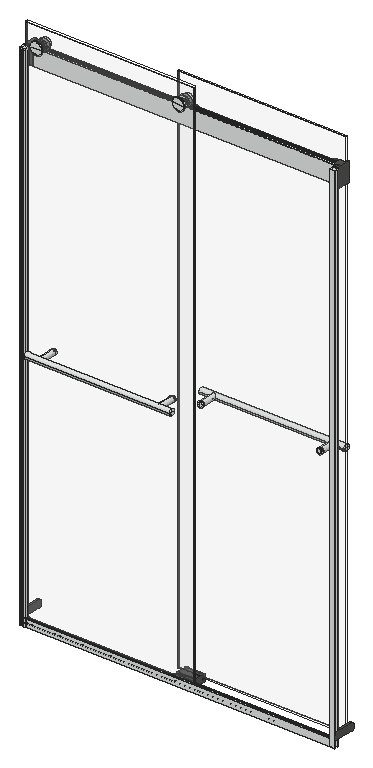
Revit family "Shower-Shower_Door-KOHLER-Levity_Plus-K-702428_1", category Specialty Equipment, host Face, Revit 2022
Family settings
  Host = Face
  Round Connector Dimension = Use Diameter
  Part Type = Normal
  OmniClass Number = 23.31.17.17
  OmniClass Title = Shower Enclosures
  Cut with Voids When Loaded = No
  Maintain Annotation Orientation = No
  Shared = No
  Room Calculation Point = No
Parameters (values of type "SHP-Bright Polished Silver")
  Width [instance] = Walk Thru + 25 205/256" + 199/256"  # 47.60175"
  WaterSense Certified = 1 = 0  # no
  Walk Thru [instance] = 21.02362"
  URL = "https://www.us.kohler.com/us/"
  Type = 1
  Product Page URL = "http://www.us.kohler.com/us/catalog/productDetails.jsp?productId=702428-L"
  Product Name = "Levity Plus"  # constant formula
  Product Documentation Link = "https://www.us.kohler.com/webassets/kpna/catalog/pdf/en/K-702428-L_spec_US-CA_Kohler_en.pdf"
  Model = if(Type = 1, "K-702428-L-SHP", if(Type = 2, "K-702428-L-BNK", if(Type = 3, "K-702428-L-BL", if(Type = 4, "K-702428-L-2MB", "NA"))))  # "K-702428-L-SHP"
  Material = "Premium Metal Construction"  # constant formula
  Master Format 2014 Name = "Shower Doors"  # constant formula
  Master Format 2014 = "10 28 19.16"  # constant formula
  Manufacturer Address = "444 Highland Dr, Kohler, WI 53044"  # constant formula
  Manufacturer = "KOHLER Co."  # constant formula
  Length = 7 11/128"  # constant formula
  Height = 81 157/256"  # constant formula
  Finish = Kohler-Metal-SHP-Bright_Polished_Silver
  Environmental Product Declaration = ""
  Description = "3/8 SHOWER DOOR 82 X 47-5/8 TOWEL BAR"  # constant formula
  Default Elevation = 4"
  Declare Label = ""
  Date Modified = "03/24/2022"  # constant formula
  Date Created = "03/24/2022"  # constant formula
  Copyright = "Copyright KOHLER Co."  # constant formula
  Contact Us = "https://www.us.kohler.com/us/static/contact.jsp"
  Assembly Code = "C1030200"
  ADA Compliant = 1 = 0  # no
Reference planes (in)
  plane 1 "Center (Front/Back)": y = 0
  plane 2: z = 0
  plane 3 "Center (Left/Right)": x = 0
  plane 4: x = 21.02362
  plane 5: x = -25.80098
  plane 6: x = -21.8318
  plane 7: x = 21.80077
  plane 8: x = 17.73441
  plane 9: x = -1.99865
  plane 10: y = -0.5693
  plane 11: x = -2.14205
  plane 12: x = 19.48441
  plane 13: x = -23.72549
  plane 14: x = -1.72549
  plane 15: x = -2.28573
  plane 16: x = -0.28883
  plane 17: x = 19.71427
  plane 18: z = 38.35689
  plane 19: z = 37.46831
  plane 20: z = 78.82047
  plane 21: z = 81.61328
  plane 22: z = 78.22835
  plane 23: z = 75.66929
  plane 24: z = 37.91339
  plane 25: y = 3.97794
  plane 26: y = 4.41101
  plane 27: y = -2.23072
  plane 28: y = -2.67493
  plane 29: y = -0.03955
  plane 30: y = 0.86771
Dimensions and locks (in)
  "Walk Thru": plane 4 to plane 3 "Center (Left/Right)"
  locked: plane 4 to plane 7 at 0.77715
  locked: plane 12 to plane 4 at 1.53921
  locked: plane 8 to plane 12 at 1.75
  locked: plane 11 to plane 12 at 21.62646
  "Width": plane 5 to plane 7
  locked: plane 15 to plane 11 at 0.14369
  locked: plane 11 to plane 16 at 1.85322
  locked: plane 17 to plane 7 at 2.0865
  plane 24 to level = 37.91339"
  "Height": plane 21 to level
  plane 23 to level = 75.66929"
  "Length": plane 28 to plane 26
  plane 30 to plane 26 = 3.54331"
  plane 22 to plane 23 = 2.55906"
  plane 21 to plane 22 = 3.38493"
  aligned and locked: plane 2 to host face
  aligned and locked: level to host face
  aligned and locked: plane 1 "Center (Front/Back)" to nested 1
  aligned and locked: plane 3 "Center (Left/Right)" to nested 1
  aligned and locked: plane 4 to nested 1
Automatic sketch dimensions
  host sketch curve to host sketch curve = 96"  (x2)
Nested families (in)
  nested 1: "K-702428" at (0, -0.5693, 0), type "K-702428"
    with Width 47.59843", Walk Thru 21.02362"
Definition of nested family "K-702428"
  Parameters (values of type "K-702428")
    Width = Walk Thru + 25.79921" + 0.77559"  # 44.64567"
    Walk Thru = 18.07087"
    Material = none
    Height = 61.5748"
    Default Elevation = 0"
  Reference planes (in)
    plane 1 "Center (Front/Back)": y = 0
    plane 2: z = 0
    plane 3 "Center (Left/Right)": x = 0
    plane 4: z = 77.55906
    plane 5 "G": z = 37.91339
    plane 6: x = 18.07087
    plane 7: x = 18.84801
    plane 8 "E": x = 14.78165
    plane 9 "A": z = 78.82047
    plane 10: x = -1.99865
    plane 11: y = -2.1063
    plane 12: y = -1.66142
    plane 13 "C": x = 16.53165
    plane 14 "D": x = -10.46894
    plane 15: x = 18.50755
    plane 16: x = -25.79766
    plane 17 "T": x = -5.0948
    plane 18: y = 0.5693
    plane 19: x = -23.72549
    plane 20: x = -1.72549
    plane 21: x = -5.23849
    plane 22: x = 16.76151
    plane 23 "H": x = -3.24159
    plane 24 "P": x = -21.72514
    plane 25 "R": x = -3.72549
    plane 26: z = 81.61417
    plane 27: z = 75.66929
    plane 28: z = 78.22835
    plane 29: y = 4.98031
    plane 30: y = 4.54724
  Forms (in)
    Extrusion 1, solid
      sketch origin (0, 0, 0) x (1, 0, 0) y (0, 1, 0)
        loop
          line (-25.79766, 2.37158) -> (-25.79766, 0.38563)
          arc (-25.79766, 0.38563) -> (-25.78843, 0.36336) -> (-25.76616, 0.35413) r 0.0315
          line (-25.76616, 0.35413) -> (-25.50948, 0.35413)
          arc (-25.50948, 0.35413) -> (-25.48721, 0.36336) -> (-25.47798, 0.38563) r 0.0315
          line (-25.47798, 0.38563) -> (-25.47798, 0.85734)
          arc (-25.47798, 0.85734) -> (-25.46876, 0.87961) -> (-25.44649, 0.88884) r 0.0315
          line (-25.44649, 0.88884) -> (-24.84431, 0.88884)
          arc (-24.84431, 0.88884) -> (-24.82282, 0.89774) -> (-24.81392, 0.91923) r 0.03039
          line (-24.81392, 0.91923) -> (-24.81392, 2.02115) -> (-25.48127, 2.02858) -> (-25.48127, 2.37088)
          arc (-25.48127, 2.37088) -> (-25.49049, 2.39315) -> (-25.51276, 2.40237) r 0.0315
          line (-25.51276, 2.40237) -> (-25.76687, 2.40237)
          arc (-25.76687, 2.40237) -> (-25.78864, 2.39336) -> (-25.79766, 2.37158) r 0.03079
      from 75.59055 to 78.40592
    Extrusion 2, solid, material <- "Material", detail levels medium+fine
      sketch origin (0, 0, 0) x (1, 0, 0) y (0, 1, 0)
        loop
          line (-25.47591, 0.20982) -> (-25.47591, -0.20982) -> (-25.2813, -0.20982) -> (-25.2813, -0.27247) -> (-25.74014, -0.27247) -> (-25.74014, -0.30702) -> (-25.14015, -0.32797)
          arc (-25.14015, -0.32797) -> (-25.06472, -0.29901) -> (-25.03315, -0.22464) r 0.10339
          line (-25.03315, -0.22464) -> (-25.03315, 0.22464)
          arc (-25.03315, 0.22464) -> (-25.06472, 0.29901) -> (-25.14015, 0.32797) r 0.10339
          line (-25.14015, 0.32797) -> (-25.74014, 0.30702) -> (-25.74014, 0.27247) -> (-25.2813, 0.27247) -> (-25.2813, 0.20982) -> (-25.47591, 0.20982)
        loop
          line (-25.79766, 0.20982) -> (-25.60858, 0.20982) -> (-25.60858, 0) -> (-25.60858, -0.20982) -> (-25.79766, -0.20982) -> (-25.79766, -0.25253) -> (-25.56727, -0.25253) -> (-25.56727, 0) -> (-25.56727, 0.25253) -> (-25.79766, 0.25253) -> (-25.79766, 0.20982)
      from 0.08036 to 78.22835
    Extrusion 3, solid, material <- "Material", detail levels medium+fine
      sketch origin (0, 0, 0) x (1, 0, 0) y (0, 1, 0)
        loop
          line (-25.14015, 0.32797) -> (-25.74014, 0.30702) -> (-25.74014, 0.25253) -> (-25.79766, 0.25253) -> (-25.79766, -0.25253) -> (-25.74014, -0.25253) -> (-25.74014, -0.30702) -> (-25.14015, -0.32797)
          arc (-25.14015, -0.32797) -> (-25.06472, -0.29901) -> (-25.03315, -0.22464) r 0.10339
          line (-25.03315, -0.22464) -> (-25.03315, 0.22464)
          arc (-25.03315, 0.22464) -> (-25.06472, 0.29901) -> (-25.14015, 0.32797) r 0.10339
      from 78.22835 to 78.36942
    Extrusion 4, solid
      sketch origin (0, 0, 0) x (0, 1, 0) y (0, 0, 1)
        loop
          line (2.917, 2.13263) -> (-0.20982, 2.13263) -> (-0.20982, 1.05663) -> (2.93672, 1.05663)
          arc (2.93672, 1.05663) -> (3.10579, 1.12666) -> (3.17581, 1.29573) r 0.23909
          line (3.17581, 1.29573) -> (3.17581, 1.87382)
          arc (3.17581, 1.87382) -> (3.10001, 2.05683) -> (2.917, 2.13263) r 0.25882
      from -25.79766 to -25.47798
    Extrusion 5, solid, material <- "Material"
      sketch origin (0, 0, 0) x (0, 1, 0) y (0, 0, 1)
        loop
          arc (0, 0.33997) -> (0.03474, 0.38326) -> (0.08453, 0.35871) r 0.04434
          line (0.08453, 0.35871) -> (0.11423, 0.29502)
          arc (0.11423, 0.29502) -> (0.14686, 0.27839) -> (0.17089, 0.30603) r 0.02975
          line (0.17089, 0.30603) -> (0.20017, 0.86474)
          arc (0.20017, 0.86474) -> (0.19197, 0.88698) -> (0.17019, 0.89634) r 0.03002
          line (0.17019, 0.89634) -> (0.02343, 0.89634)
          arc (0.02343, 0.89634) -> (-0.02199, 0.94176) -> (0.02343, 0.98718) r 0.04542
          line (0.02343, 0.98718) -> (0.19567, 0.98718)
          arc (0.19567, 0.98718) -> (0.19347, 1.02749) -> (0.15814, 1.04703) r 0.04169
          line (0.15814, 1.04703) -> (-0.19878, 1.04703) -> (-0.19878, 0) -> (0.49474, 0) -> (0.49474, 0.07959) -> (0.14319, 0.07959)
          arc (0.14319, 0.07959) -> (0.04194, 0.12153) -> (0, 0.22278) r 0.14319
          line (0, 0.22278) -> (0, 0.33997)
        loop
          line (0.53901, 0.96058) -> (0.10163, 0.96058)
          arc (0.10163, 0.96058) -> (0.08163, 0.94058) -> (0.10163, 0.92059) r 0.01999
          line (0.10163, 0.92059) -> (0.53901, 0.92059)
          arc (0.53901, 0.92059) -> (0.559, 0.94058) -> (0.53901, 0.96058) r 0.01999
      from -25.47591 to 18.07087
    Revolve 6, solid, material <- "Material", detail levels medium+fine
      sketch origin (27, 0, 78.82047) x (0, -1, 0) y (1, 0, 0)
        loop
          line (0.14044, -28.99865) -> (-1.79905, -28.99865) -> (-1.79905, -29.69269) -> (-1.43263, -29.69269) -> (-1.43263, -29.74488)
          arc (-1.43263, -29.74488) -> (-1.24562, -29.80339) -> (-1.05861, -29.74488) r 0.32812
          line (-1.05861, -29.74488) -> (-1.05861, -29.53477) -> (-0.92215, -29.53477) -> (-0.92215, -29.73162) -> (-0.7253, -29.73162) -> (-0.7253, -29.46245) -> (-0.36761, -29.46245) -> (-0.36761, -29.6593) -> (-0.06827, -29.6593) -> (-0.06827, -29.89414) -> (-0.02811, -29.93431) -> (0.09751, -29.93431) -> (0.14044, -29.89138) -> (0.14044, -28.99865)
        axis (0.14044, -28.99865) -> (-1.79905, -28.99865)
      angle from 0 to 360
    Revolve 7, solid, material <- "Material", detail levels medium+fine
      sketch origin (5.51575, 0, 78.82047) x (0, -1, 0) y (1, 0, 0)
        loop
          line (0.14044, -28.99865) -> (-1.79905, -28.99865) -> (-1.79905, -29.69269) -> (-1.43263, -29.69269) -> (-1.43263, -29.74488)
          arc (-1.43263, -29.74488) -> (-1.24562, -29.80339) -> (-1.05861, -29.74488) r 0.32812
          line (-1.05861, -29.74488) -> (-1.05861, -29.53477) -> (-0.92215, -29.53477) -> (-0.92215, -29.73162) -> (-0.7253, -29.73162) -> (-0.7253, -29.46245) -> (-0.36761, -29.46245) -> (-0.36761, -29.6593) -> (-0.06827, -29.6593) -> (-0.06827, -29.89414) -> (-0.02811, -29.93431) -> (0.09751, -29.93431) -> (0.14044, -29.89138) -> (0.14044, -28.99865)
        axis (0.14044, -28.99865) -> (-1.79905, -28.99865)
      angle from 0 to 360
    Extrusion 8, solid, material <- "Material", detail levels medium+fine
      sketch origin (0, 0, 4.05512) x (0, 1, 0) y (0, 0, 1)
        loop
          line (0.97838, 74.09449) -> (0.97838, 71.53543) -> (1.85747, 71.53543)
          arc (1.85747, 71.53543) -> (1.9, 71.55305) -> (1.91761, 71.59558) r 0.06014
          line (1.91761, 71.59558) -> (1.91761, 71.86685)
          arc (1.91761, 71.86685) -> (1.89894, 71.92322) -> (1.85029, 71.95728) r 0.0944
          line (1.85029, 71.95728) -> (1.85029, 71.88022) -> (1.65621, 71.78388) -> (1.38912, 71.90889) -> (1.38912, 73.51607)
          arc (1.38912, 73.51607) -> (1.41101, 73.5689) -> (1.46384, 73.59079) r 0.07472
          line (1.46384, 73.59079) -> (1.84605, 73.59079) -> (1.84605, 73.41713) -> (1.8957, 73.41713)
          arc (1.8957, 73.41713) -> (1.91735, 73.42609) -> (1.92632, 73.44774) r 0.03062
          line (1.92632, 73.44774) -> (1.92632, 74.04029)
          arc (1.92632, 74.04029) -> (1.91044, 74.07861) -> (1.87212, 74.09449) r 0.0542
          line (1.87212, 74.09449) -> (1.69975, 74.09449) -> (1.69975, 74.01045) -> (1.81407, 74.01045)
          arc (1.81407, 74.01045) -> (1.84489, 73.99768) -> (1.85765, 73.96686) r 0.04358
          line (1.85765, 73.96686) -> (1.85765, 73.8136) -> (1.31287, 73.8136) -> (1.31287, 73.88222) -> (1.44737, 73.94211) -> (1.44737, 73.98613)
          arc (1.44737, 73.98613) -> (1.43926, 74.00107) -> (1.42231, 74.0024) r 0.01781
          line (1.42231, 74.0024) -> (1.24538, 73.92362) -> (1.04592, 74.01243) -> (1.04592, 74.07466)
          arc (1.04592, 74.07466) -> (1.04011, 74.08868) -> (1.02609, 74.09449) r 0.01983
          line (1.02609, 74.09449) -> (0.97838, 74.09449)
      from -25.2813 to 18.07087
    Extrusion 9, solid
      sketch origin (0, 0, 78.82047) x (0, -1, 0) y (1, 0, 0)
        loop
          line (-0.72111, -0.03549) -> (-0.72111, -25.41549) -> (-0.66111, -25.47549) -> (-0.40011, -25.47549) -> (-0.34011, -25.41549) -> (-0.34011, -0.03549) -> (-0.40011, 0.02451) -> (-0.66111, 0.02451) -> (-0.72111, -0.03549)
      from 2.7937 to -78.10033
    Extrusion 10, solid
      sketch origin (0, 0, 0) x (0, 1, 0) y (0, 0, 1)
        loop
          line (2.79395, 0) -> (2.73913, 1.04611)
          arc (2.73913, 1.04611) -> (2.73201, 1.06155) -> (2.71622, 1.06785) r 0.02294
          line (2.71622, 1.06785) -> (2.58256, 1.06785)
          arc (2.58256, 1.06785) -> (2.56781, 1.06181) -> (2.56152, 1.04717) r 0.02105
          line (2.56152, 1.04717) -> (2.54725, 0.22974)
          arc (2.54725, 0.22974) -> (2.52045, 0.16735) -> (2.45761, 0.14164) r 0.08966
          line (2.45761, 0.14164) -> (2.27292, 0.14164)
          arc (2.27292, 0.14164) -> (2.21358, 0.16532) -> (2.18684, 0.22333) r 0.0862
          line (2.18684, 0.22333) -> (2.14487, 1.02412)
          arc (2.14487, 1.02412) -> (2.13055, 1.05518) -> (2.09879, 1.06785) r 0.04614
          line (2.09879, 1.06785) -> (1.06637, 1.06785)
          arc (1.06637, 1.06785) -> (1.03461, 1.05518) -> (1.02029, 1.02412) r 0.04614
          line (1.02029, 1.02412) -> (0.97833, 0.22333)
          arc (0.97833, 0.22333) -> (0.95158, 0.16532) -> (0.89225, 0.14164) r 0.0862
          line (0.89225, 0.14164) -> (0.70755, 0.14164)
          arc (0.70755, 0.14164) -> (0.64471, 0.16735) -> (0.61791, 0.22974) r 0.08966
          line (0.61791, 0.22974) -> (0.60364, 1.04717)
          arc (0.60364, 1.04717) -> (0.59735, 1.06181) -> (0.5826, 1.06785) r 0.02105
          line (0.5826, 1.06785) -> (0.30693, 1.06785) -> (0.30693, 0.16201) -> (0.47604, 0.16201)
          arc (0.47604, 0.16201) -> (0.50033, 0.15195) -> (0.51039, 0.12766) r 0.03435
          line (0.51039, 0.12766) -> (0.51039, 0.08994)
          arc (0.51039, 0.08994) -> (0.52098, 0.06032) -> (0.54793, 0.04411) r 0.04675
          arc (0.54793, 0.04411) -> (0.76846, 0.01105) -> (0.99117, 0) r 2.24921
          line (0.99117, 0) -> (2.79395, 0)
      from -3.12027 to -0.34077
    Revolve 11, solid, material <- "Material"
      sketch origin (-5.0948, 0, 4.05512) x (0, -1, 0) y (0, 0, 1)
        loop
          line (-2.99093, 73.55511) -> (-3.03171, 73.51433) -> (-3.03171, 72.61552) -> (-1.91129, 72.61552) -> (-1.91129, 73.35161) -> (-2.16793, 73.35161) -> (-2.16793, 73.2217) -> (-2.52933, 73.2217) -> (-2.52933, 73.27972) -> (-2.82297, 73.27972) -> (-2.82297, 73.51347) -> (-2.86461, 73.55511) -> (-2.99093, 73.55511)
        axis (-1.91129, 72.61552) -> (-3.03171, 72.61552)
      angle from 0 to 360
    Revolve 12, solid, material <- "Material"
      sketch origin (16.53165, 0, 4.05512) x (0, 0, -1) y (0, -1, 0)
        loop
          line (-73.55511, -2.99093) -> (-73.51433, -3.03171) -> (-72.61552, -3.03171) -> (-72.61552, -1.91129) -> (-73.35161, -1.91129) -> (-73.35161, -2.16793) -> (-73.2217, -2.16793) -> (-73.2217, -2.52933) -> (-73.27972, -2.52933) -> (-73.27972, -2.82297) -> (-73.51347, -2.82297) -> (-73.55511, -2.86461) -> (-73.55511, -2.99093)
        axis (-72.61552, -1.91129) -> (-72.61552, -3.03171)
      angle from 0 to 360
    Extrusion 13, solid
      sketch origin (0, 0, 78.82047) x (0, -1, 0) y (1, 0, 0)
        loop
          line (-2.40428, 18.84801) -> (-2.40428, 18.64656)
          arc (-2.40428, 18.64656) -> (-2.37444, 18.57452) -> (-2.30241, 18.54468) r 0.10187
          line (-2.30241, 18.54468) -> (-2.09932, 18.54468)
          arc (-2.09932, 18.54468) -> (-2.03657, 18.51869) -> (-2.01058, 18.45594) r 0.08874
          line (-2.01058, 18.45594) -> (-2.01058, 17.91977)
          arc (-2.01058, 17.91977) -> (-1.99255, 17.87623) -> (-1.949, 17.85819) r 0.06158
          line (-1.949, 17.85819) -> (-0.96774, 17.85819)
          arc (-0.96774, 17.85819) -> (-0.9202, 17.87788) -> (-0.90051, 17.92542) r 0.06723
          line (-0.90051, 17.92542) -> (-0.90051, 18.43534)
          arc (-0.90051, 18.43534) -> (-0.8829, 18.47786) -> (-0.84038, 18.49547) r 0.06013
          line (-0.84038, 18.49547) -> (-0.37453, 18.49547)
          arc (-0.37453, 18.49547) -> (-0.34132, 18.50922) -> (-0.32756, 18.54243) r 0.04697
          line (-0.32756, 18.54243) -> (-0.32756, 18.84801) -> (-2.40428, 18.84801)
      from -0.4295 to -3.30367
    Extrusion 14, solid
      sketch origin (0, 0, 0) x (0, 1, 0) y (0, 0, -1)
        loop
          arc (2.917, -2.13263) -> (3.10001, -2.05683) -> (3.17581, -1.87382) r 0.25882
          line (3.17581, -1.87382) -> (3.17581, -1.29573)
          arc (3.17581, -1.29573) -> (3.10579, -1.12666) -> (2.93672, -1.05663) r 0.23909
          line (2.93672, -1.05663) -> (-0.23901, -1.05663) -> (-0.23901, -2.13263) -> (2.917, -2.13263)
      from -18.50755 to -18.84801
    Extrusion 15, solid, material <- "Material"
      sketch origin (0, 0, 78.82047) x (0, -1, 0) y (1, 0, 0)
        loop
          line (-0.32756, 18.07087) -> (0.31775, 18.07087) -> (0.31775, 18.84801) -> (0.23901, 18.84801) -> (0.23901, 18.14961) -> (-0.24882, 18.14961) -> (-0.24882, 18.84801) -> (-0.32756, 18.84801) -> (-0.32756, 18.07087)
      from -78.74089 to -0.5382
    Extrusion 16, solid, material <- "Material"
      sketch origin (0, 0, 0) x (1, 0, 0) y (0, 1, 0)
        loop
          line (18.84801, 0.32756) -> (18.07087, 0.32756) -> (18.07087, -0.31775) -> (18.84801, -0.31775) -> (18.84801, 0.32756)
      from 78.14961 to 78.28227
    Extrusion 17, solid
      sketch origin (0, 0, 78.82047) x (0, -1, 0) y (1, 0, 0)
        loop
          line (-2.21932, 18.50755) -> (-2.48948, 18.50755) -> (-2.54474, 18.45151) -> (-2.54474, -6.92849) -> (-2.48474, -6.98849) -> (-2.22374, -6.98849) -> (-2.16212, -6.92849) -> (-2.16212, 18.45313) -> (-2.21932, 18.50755)
      from -78.10033 to 2.7937
    Extrusion 18, solid, material <- "Material", detail levels coarse
      sketch origin (0, 0, 78.82047) x (0, -1, 0) y (1, 0, 0)
        loop
          line (-0.32797, -25.03315) -> (-0.32797, -25.79766) -> (0.32797, -25.79766) -> (0.32797, -25.03315) -> (-0.32797, -25.03315)
      from -78.74011 to -0.45105
    Revolve 19, solid, material <- "Material", detail levels coarse
      sketch origin (5.51575, 0, 78.82047) x (0, -1, 0) y (1, 0, 0)
        loop
          line (0.14044, -28.99865) -> (-1.79905, -28.99865) -> (-1.79905, -29.69269) -> (-1.43263, -29.69269) -> (-1.43263, -29.74488) -> (-1.05861, -29.74488) -> (-1.05861, -29.53477) -> (-0.92215, -29.53477) -> (-0.92215, -29.73162) -> (-0.7253, -29.73162) -> (-0.7253, -29.6593) -> (-0.06827, -29.6593) -> (-0.06827, -29.93431) -> (0.14044, -29.93431) -> (0.14044, -28.99865)
        axis (-1.79905, -28.99865) -> (0.14044, -28.99865)
      angle from 0 to 360
    Revolve 20, solid, material <- "Material", detail levels coarse
      sketch origin (27, 0, 78.82047) x (0, -1, 0) y (1, 0, 0)
        loop
          line (0.14044, -28.99865) -> (-1.79905, -28.99865) -> (-1.79905, -29.69269) -> (-1.43263, -29.69269) -> (-1.43263, -29.74488) -> (-1.05861, -29.74488) -> (-1.05861, -29.53477) -> (-0.92215, -29.53477) -> (-0.92215, -29.73162) -> (-0.7253, -29.73162) -> (-0.7253, -29.6593) -> (-0.06827, -29.6593) -> (-0.06827, -29.93431) -> (0.14044, -29.93431) -> (0.14044, -28.99865)
        axis (-1.79905, -28.99865) -> (0.14044, -28.99865)
      angle from 0 to 360
    Extrusion 21, solid, material <- "Material", detail levels coarse
      sketch origin (0, 0, 4.05512) x (0, 1, 0) y (0, 0, 1)
        loop
          line (0.97838, 74.09449) -> (0.97838, 71.53543) -> (1.92632, 71.53543) -> (1.92632, 74.09449) -> (0.97838, 74.09449)
      from -25.47798 to 18.07087
    Revolve 22, solid, material <- "Material", detail levels medium+fine
      sketch origin (-3.24159, 0, 0) x (0, -1, 0) y (0, 0, 1)
        loop
          line (-4.47693, 38.32069) -> (-4.47693, 37.91339) -> (-1.85912, 37.91339) -> (-1.85912, 38.3112)
          arc (-1.85912, 38.3112) -> (-1.86628, 38.32849) -> (-1.88357, 38.33565) r 0.02445
          line (-1.88357, 38.33565) -> (-2.08042, 38.33565)
          arc (-2.08042, 38.33565) -> (-2.10138, 38.33178) -> (-2.11957, 38.32069) r 0.0587
          line (-2.11957, 38.32069) -> (-4.47693, 38.32069)
        axis (-4.47693, 37.91339) -> (-1.85912, 37.91339)
      angle from 0 to 360
    Revolve 23, solid, material <- "Material", detail levels medium+fine
      sketch origin (14.78165, 0, 0) x (0, 0, 1) y (0, -1, 0)
        loop
          line (37.50608, -4.47693) -> (37.91339, -4.47693) -> (37.91339, -1.85912) -> (37.51557, -1.85912)
          arc (37.51557, -1.85912) -> (37.49828, -1.86628) -> (37.49112, -1.88357) r 0.02445
          line (37.49112, -1.88357) -> (37.49112, -2.08042)
          arc (37.49112, -2.08042) -> (37.49499, -2.10138) -> (37.50608, -2.11957) r 0.0587
          line (37.50608, -2.11957) -> (37.50608, -4.47693)
        axis (37.91339, -4.47693) -> (37.91339, -1.85912)
      angle from 0 to 360
    Revolve 24, solid, material <- "Material", detail levels medium+fine
      sketch origin (0, 0, 37.91339) x (-1, 0, 0) y (0, -1, 0)
        loop
          line (5.23849, -4.93041) -> (5.23849, -4.54724) -> (-16.76151, -4.54724) -> (-16.76151, -4.93044) -> (-16.71164, -4.98031) -> (5.18858, -4.98031) -> (5.23849, -4.93041)
        axis (-16.76151, -4.54724) -> (5.23849, -4.54724)
      angle from 0 to 360
    Revolve 25, solid, material <- "Material", detail levels medium+fine
      sketch origin (-21.72514, 0, 0) x (0, 1, 0) y (0, 0, 1)
        loop
          line (1.00208, 37.91339) -> (1.00208, 38.28713)
          arc (1.00208, 38.28713) -> (0.99434, 38.30582) -> (0.97565, 38.31356) r 0.02643
          line (0.97565, 38.31356) -> (0.76975, 38.31356)
          arc (0.76975, 38.31356) -> (0.73962, 38.31006) -> (0.71109, 38.29977) r 0.13164
          line (0.71109, 38.29977) -> (-1.66142, 38.29977) -> (-1.66142, 37.91339) -> (1.00208, 37.91339)
        axis (1.00208, 37.91339) -> (-1.66142, 37.91339)
      angle from 0 to 360
    Revolve 26, solid, material <- "Material"
      sketch origin (-3.72549, 0, 0) x (0, 1, 0) y (0, 0, 1)
        loop
          line (1.00208, 37.91339) -> (1.00208, 38.28713)
          arc (1.00208, 38.28713) -> (0.99434, 38.30582) -> (0.97565, 38.31356) r 0.02643
          line (0.97565, 38.31356) -> (0.76975, 38.31356)
          arc (0.76975, 38.31356) -> (0.73962, 38.31006) -> (0.71109, 38.29977) r 0.13164
          line (0.71109, 38.29977) -> (-1.66142, 38.29977) -> (-1.66142, 37.91339) -> (1.00208, 37.91339)
        axis (1.00208, 37.91339) -> (-1.66142, 37.91339)
      angle from 0 to 360
    Revolve 27, solid, material <- "Material", detail levels medium+fine
      sketch origin (0, 0, 37.91339) x (-1, 0, 0) y (0, -1, 0)
        loop
          line (1.72549, 1.66142) -> (23.72549, 1.66142) -> (23.72549, 2.05448) -> (23.67367, 2.1063) -> (1.77378, 2.1063) -> (1.72549, 2.05801) -> (1.72549, 1.66142)
        axis (1.72549, 1.66142) -> (23.72549, 1.66142)
      angle from 0 to 360
    Revolve 28, solid, material <- "Material", detail levels coarse
      sketch origin (0, 0, 37.91339) x (-1, 0, 0) y (0, -1, 0)
        loop
          line (21.72514, -1.04337) -> (22.11152, -1.04337) -> (22.11152, 1.66142) -> (21.72514, 1.66142) -> (21.72514, -1.04337)
        axis (21.72514, 1.66142) -> (21.72514, -1.04337)
      angle from 0 to 360
    Revolve 29, solid, material <- "Material", detail levels coarse
      sketch origin (0, 0, 37.91339) x (-1, 0, 0) y (0, -1, 0)
        loop
          line (3.72549, -1.04592) -> (4.11187, -1.04592) -> (4.11187, 1.66142) -> (3.72549, 1.66142) -> (3.72549, -1.04592)
        axis (3.72549, -1.04592) -> (3.72549, 1.66142)
      angle from 0 to 360
    Revolve 30, solid, material <- "Material", detail levels coarse
      sketch origin (0, 0, 37.91339) x (-1, 0, 0) y (0, -1, 0)
        loop
          line (1.72549, 1.66142) -> (23.72549, 1.66142) -> (23.72549, 2.1063) -> (1.72549, 2.1063) -> (1.72549, 1.66142)
        axis (23.72549, 1.66142) -> (1.72549, 1.66142)
      angle from 0 to 360
    Revolve 31, solid, material <- "Material", detail levels coarse
      sketch origin (0, 0, 37.91339) x (-1, 0, 0) y (0, -1, 0)
        loop
          line (3.24159, -1.92632) -> (3.24159, -4.46873) -> (3.64889, -4.46873) -> (3.64889, -1.92632) -> (3.24159, -1.92632)
        axis (3.24159, -1.92632) -> (3.24159, -4.46873)
      angle from 0 to 360
    Revolve 32, solid, material <- "Material", detail levels coarse
      sketch origin (0, 0, 37.91339) x (-1, 0, 0) y (0, -1, 0)
        loop
          line (-14.78165, -4.46873) -> (-14.37435, -4.46873) -> (-14.37435, -1.92632) -> (-14.78165, -1.92632) -> (-14.78165, -4.46873)
        axis (-14.78165, -4.46873) -> (-14.78165, -1.92632)
      angle from 0 to 360
    Revolve 33, solid, material <- "Material", detail levels coarse
      sketch origin (0, 0, 37.91339) x (-1, 0, 0) y (0, -1, 0)
        loop
          line (5.23849, -4.98031) -> (5.23849, -4.54724) -> (-16.76151, -4.54724) -> (-16.76151, -4.98031) -> (5.23849, -4.98031)
        axis (5.23849, -4.54724) -> (-16.76151, -4.54724)
      angle from 0 to 360
  Cuts and joins
    joined: Extrusion 2, Extrusion 3
    joined: Extrusion 15, Extrusion 16
  Lines and regions (in)
    Masking region 1
      outline origin (0, 0, 0) x (1, 0, 0) y (0, 0, 1)
        loop
          line (-25.47617, 81.61417) -> (-25.47617, 78.40592) -> (-25.79766, 78.40592) -> (-25.79766, 0.08036) -> (-25.47591, 0.08036) -> (-25.47591, 0) -> (18.07087, 0) -> (18.07087, 0.07959) -> (18.84801, 0.07959) -> (18.84801, 78.39098) -> (18.50755, 78.39098) -> (18.50755, 81.61417) -> (-25.47617, 81.61417)
    Masking region 2
      outline origin (-5.0948, 0, 0) x (0, -1, 0) y (0, 0, 1)
        loop
          line (-3.17581, 1.87382) -> (-3.17581, 1.29573)
          arc (-3.17581, 1.29573) -> (-3.10579, 1.12666) -> (-2.93672, 1.05663) r 0.23909
          line (-2.93672, 1.05663) -> (-2.73858, 1.05663) -> (-2.79395, 0) -> (-0.99117, 0)
          arc (-0.99117, 0) -> (-0.76846, 0.01105) -> (-0.54793, 0.04411) r 2.24921
          arc (-0.54793, 0.04411) -> (-0.52098, 0.06032) -> (-0.51039, 0.08994) r 0.04675
          line (-0.51039, 0.08994) -> (-0.51039, 0.12766)
          arc (-0.51039, 0.12766) -> (-0.50033, 0.15195) -> (-0.47604, 0.16201) r 0.03435
          line (-0.47604, 0.16201) -> (-0.32803, 0.16201) -> (-0.32803, 0.07959) -> (-0.49474, 0.07959) -> (-0.49474, 0) -> (0.19878, 0) -> (0.19878, 0.08036) -> (0.32797, 0.08036) -> (0.32797, 37.52557) -> (1.44342, 37.52557)
          arc (1.44342, 37.52557) -> (1.88607, 37.52939) -> (2.1063, 37.91339) r 0.44488
          arc (2.1063, 37.91339) -> (1.88607, 38.29738) -> (1.44342, 38.3012) r 0.44488
          line (1.44342, 38.3012) -> (0.32797, 38.3012) -> (0.32797, 40.27015) -> (0.32797, 53.19141) -> (0.32797, 78.36942) -> (0.14044, 78.36942) -> (0.14044, 79.71399) -> (0.09747, 79.75695) -> (-0.02728, 79.75695) -> (-0.06827, 79.71596) -> (-0.06827, 79.48112) -> (-0.34011, 79.48112) -> (-0.34011, 81.61417) -> (-0.7253, 81.61417) -> (-0.7253, 79.55344) -> (-0.92215, 79.55344) -> (-0.92215, 79.35659) -> (-1.05861, 79.35659) -> (-1.05861, 79.5667)
          arc (-1.05861, 79.5667) -> (-1.24562, 79.62242) -> (-1.43263, 79.5667) r 0.34168
          line (-1.43263, 79.5667) -> (-1.43263, 79.51451) -> (-1.79905, 79.51451) -> (-1.79905, 78.82047) -> (-1.79905, 78.36942) -> (-2.16212, 78.36942) -> (-2.16212, 81.61417) -> (-2.54474, 81.61417) -> (-2.54474, 77.33483) -> (-2.82297, 77.33483) -> (-2.82297, 77.56858) -> (-2.86461, 77.61023) -> (-2.99093, 77.61023) -> (-3.03171, 77.56945) -> (-3.03171, 75.77183) -> (-2.99093, 75.73105) -> (-2.86461, 75.73105) -> (-2.82297, 75.7727) -> (-2.82297, 76.00645) -> (-2.54474, 76.00645) -> (-2.54474, 38.32069) -> (-4.35649, 38.32069)
          arc (-4.35649, 38.32069) -> (-4.98031, 37.91339) -> (-4.35649, 37.50608) r 0.44488
          line (-4.35649, 37.50608) -> (-2.54474, 37.50608) -> (-2.54474, 2.13263) -> (-2.917, 2.13263)
          arc (-2.917, 2.13263) -> (-3.10001, 2.05683) -> (-3.17581, 1.87382) r 0.25882
        loop
          arc (-2.54725, 0.22974) -> (-2.52045, 0.16735) -> (-2.45761, 0.14164) r 0.08966
          line (-2.45761, 0.14164) -> (-2.27292, 0.14164)
          arc (-2.27292, 0.14164) -> (-2.21358, 0.16532) -> (-2.18684, 0.22333) r 0.0862
          line (-2.18684, 0.22333) -> (-2.14487, 1.02412)
          arc (-2.14487, 1.02412) -> (-2.14023, 1.04201) -> (-2.12894, 1.05663) r 0.04614
          line (-2.12894, 1.05663) -> (-2.16212, 1.05663) -> (-2.16212, 0.72015) -> (-2.54474, 0.72015) -> (-2.56169, 1.05663) -> (-2.54725, 0.22974)
        loop
          arc (-0.97833, 0.22333) -> (-0.95158, 0.16532) -> (-0.89225, 0.14164) r 0.0862
          line (-0.89225, 0.14164) -> (-0.70755, 0.14164)
          arc (-0.70755, 0.14164) -> (-0.64471, 0.16735) -> (-0.61791, 0.22974) r 0.08966
          line (-0.61791, 0.22974) -> (-0.60935, 0.72015) -> (-0.72111, 0.72015) -> (-0.72111, 1.05663) -> (-1.03622, 1.05663)
          arc (-1.03622, 1.05663) -> (-1.02494, 1.04201) -> (-1.02029, 1.02412) r 0.04614
          line (-1.02029, 1.02412) -> (-0.97833, 0.22333)
        loop
          line (-0.7253, 2.13263) -> (-0.7253, 37.52135)
          arc (-0.7253, 37.52135) -> (-0.75921, 37.51268) -> (-0.79409, 37.50977) r 0.21008
          line (-0.79409, 37.50977) -> (-0.97081, 37.50977)
          arc (-0.97081, 37.50977) -> (-0.99232, 37.51867) -> (-1.00122, 37.54018) r 0.03041
          line (-1.00122, 37.54018) -> (-1.00122, 37.91339) -> (-1.00122, 38.2866)
          arc (-1.00122, 38.2866) -> (-0.99232, 38.3081) -> (-0.97081, 38.31701) r 0.03041
          line (-0.97081, 38.31701) -> (-0.79409, 38.31701)
          arc (-0.79409, 38.31701) -> (-0.75921, 38.31409) -> (-0.7253, 38.30542) r 0.21008
          line (-0.7253, 38.30542) -> (-0.7253, 40.14515) -> (-0.7253, 53.06641) -> (-0.7253, 75.5168) -> (-2.16212, 75.5168) -> (-2.16212, 38.32069) -> (-2.11957, 38.32069)
          arc (-2.11957, 38.32069) -> (-2.09977, 38.33175) -> (-2.07742, 38.33559) r 0.0671
          line (-2.07742, 38.33559) -> (-1.88218, 38.33559)
          arc (-1.88218, 38.33559) -> (-1.86516, 38.32854) -> (-1.85811, 38.31152) r 0.02407
          line (-1.85811, 38.31152) -> (-1.85811, 37.91339) -> (-1.85811, 37.51525)
          arc (-1.85811, 37.51525) -> (-1.86516, 37.49823) -> (-1.88218, 37.49118) r 0.02407
          line (-1.88218, 37.49118) -> (-2.07742, 37.49118)
          arc (-2.07742, 37.49118) -> (-2.09977, 37.49502) -> (-2.11957, 37.50608) r 0.0671
          line (-2.11957, 37.50608) -> (-2.16212, 37.50608) -> (-2.16212, 2.13263) -> (-0.7253, 2.13263)
    Masking region 3
      outline origin (0, 0, 78.82047) x (0, -1, 0) y (1, 0, 0)
        loop
          line (-0.97838, -24.01903) -> (-0.97838, -24.81392) -> (-0.91923, -24.81392)
          arc (-0.91923, -24.81392) -> (-0.89774, -24.82282) -> (-0.88884, -24.84431) r 0.03039
          line (-0.88884, -24.84431) -> (-0.88884, -25.44649)
          arc (-0.88884, -25.44649) -> (-0.87961, -25.46876) -> (-0.85734, -25.47798) r 0.0315
          line (-0.85734, -25.47798) -> (-0.65862, -25.47798) -> (-0.72111, -25.41549) -> (-0.72111, -24.21588) -> (-0.92215, -24.21588) -> (-0.92215, -24.01903) -> (-0.97838, -24.01903)
        loop
          line (0.32797, -25.79766) -> (0.32797, -25.03644) -> (0.19878, -25.03644) -> (0.19878, -22.11152) -> (1.21778, -22.11152) -> (1.21778, -23.67367) -> (1.2696, -23.72549) -> (2.05448, -23.72549) -> (2.1063, -23.67367) -> (2.1063, -1.77378) -> (2.05801, -1.72549) -> (1.26607, -1.72549) -> (1.21778, -1.77378) -> (1.21778, -3.33911) -> (0.19878, -3.33911) -> (0.19878, 18.07087) -> (0.31775, 18.07087) -> (0.31775, 18.84801) -> (-3.17581, 18.84801) -> (-3.17581, 18.50755) -> (-2.06401, 18.50755)
          arc (-2.06401, 18.50755) -> (-2.02623, 18.4919) -> (-2.01058, 18.45412) r 0.05343
          line (-2.01058, 18.45412) -> (-2.01058, 17.85819) -> (-1.92632, 17.85819) -> (-1.92632, -0.34077) -> (-2.79395, -0.34077) -> (-2.79395, -3.12027) -> (-1.92632, -3.12027) -> (-1.92632, -24.81392) -> (-2.02115, -24.81392) -> (-2.02855, -25.47798) -> (-3.17581, -25.47798) -> (-3.17581, -25.79766) -> (0.32797, -25.79766)
        loop
          line (-0.92215, -22.94679) -> (-0.92215, -22.74994) -> (-0.72111, -22.74994) -> (-0.72111, -22.10968)
          arc (-0.72111, -22.10968) -> (-0.75031, -22.12142) -> (-0.78153, -22.12542) r 0.12388
          line (-0.78153, -22.12542) -> (-0.97838, -22.12542) -> (-0.97838, -22.94679) -> (-0.92215, -22.94679)
        loop
          line (-0.97838, -3.12027) -> (-0.97838, -3.31712) -> (-0.72111, -3.31712) -> (-0.72111, -3.12027) -> (-0.97838, -3.12027)
        loop
          line (-0.97838, 17.85819) -> (-0.97838, -0.34077) -> (-0.72111, -0.34077) -> (-0.72111, -0.03549) -> (-0.66111, 0.02451) -> (-0.55909, 0.02451) -> (-0.55909, 18.07087) -> (-0.32756, 18.07087) -> (-0.32756, 18.50755) -> (-0.83803, 18.50755)
          arc (-0.83803, 18.50755) -> (-0.88221, 18.48925) -> (-0.90051, 18.44508) r 0.06248
          line (-0.90051, 18.44508) -> (-0.90051, 17.85819) -> (-0.97838, 17.85819)
        loop
          line (-0.97838, -21.32486) -> (-0.78153, -21.32486)
          arc (-0.78153, -21.32486) -> (-0.75031, -21.32886) -> (-0.72111, -21.34059) r 0.12388
          line (-0.72111, -21.34059) -> (-0.72111, -4.11187) -> (-0.97838, -4.11187) -> (-0.97838, -21.32486)
        loop
          line (1.21778, -21.33876) -> (1.21778, -4.11187) -> (0.19878, -4.11187) -> (0.19878, -21.33876) -> (1.21778, -21.33876)
    Masking region 4
      outline origin (0, 0, 78.82047) x (0, -1, 0) y (1, 0, 0)
        loop
          line (-3.03171, -5.99361) -> (-2.99083, -6.03449) -> (-2.86471, -6.03449) -> (-2.82297, -5.99275) -> (-2.82297, -5.759) -> (-2.54474, -5.759) -> (-2.54474, -6.92849) -> (-2.48474, -6.98849) -> (-2.22374, -6.98849) -> (-2.16212, -6.92849) -> (-2.16212, -5.83089) -> (-1.92632, -5.83089) -> (-1.92632, -4.35871) -> (-2.16212, -4.35871) -> (-2.16212, -3.64889) -> (-1.92632, -3.64889) -> (-1.92632, -2.83428) -> (-2.16212, -2.83428) -> (-2.16212, 14.37435) -> (-1.92632, 14.37435) -> (-1.92632, 15.18896) -> (-2.16212, 15.18896) -> (-2.16212, 15.79298) -> (-1.92632, 15.79298) -> (-1.92632, 17.27033) -> (-2.16209, 17.27033) -> (-2.16209, 18.45317) -> (-2.2193, 18.50755) -> (-2.48948, 18.50755) -> (-2.54474, 18.45151) -> (-2.54474, 17.19585) -> (-2.82297, 17.19585) -> (-2.82297, 17.4296) -> (-2.8647, 17.47133) -> (-2.99084, 17.47133) -> (-3.03171, 17.43046) -> (-3.03171, 16.53165) -> (-3.03171, 15.63285) -> (-2.99084, 15.59198) -> (-2.8647, 15.59198) -> (-2.82297, 15.63371) -> (-2.82297, 15.86746) -> (-2.54474, 15.86746) -> (-2.54474, 15.18896) -> (-4.11417, 15.18896) -> (-4.11417, 16.71164) -> (-4.16404, 16.76151) -> (-4.92945, 16.76151) -> (-4.98031, 16.71065) -> (-4.98031, -5.18858) -> (-4.93041, -5.23849) -> (-4.16408, -5.23849) -> (-4.11417, -5.18858) -> (-4.11417, -3.64889) -> (-2.54474, -3.64889) -> (-2.54474, -4.43061) -> (-2.82297, -4.43061) -> (-2.82297, -4.19686) -> (-2.86471, -4.15511) -> (-2.99083, -4.15511) -> (-3.03171, -4.196) -> (-3.03171, -5.0948) -> (-3.03171, -5.99361)
        loop
          line (-4.11417, -2.83428) -> (-2.54474, -2.83428) -> (-2.54474, 14.37435) -> (-4.11417, 14.37435) -> (-4.11417, -2.83428)
    symbolic lines, detail levels medium+fine
      curve 1: line (16.53165, 1.79905, 78.36942) -> (16.53165, 0.4133, 78.36942)
      curve 2: line (16.53165, 1.43263, 79.51451) -> (16.53165, 1.43263, 78.36942)
      curve 3: line (16.53165, 1.05861, 79.35659) -> (16.53165, 1.05861, 78.36942)
      curve 4: line (16.53165, 0.92215, 79.35659) -> (16.53165, 0.92215, 78.36942)
      curve 5: line (16.53165, 0.7253, 79.55344) -> (16.53165, 0.7253, 78.36942)
      curve 6: line (16.53165, -0.14044, 78.40592) -> (16.53165, 0.34011, 78.40592)
      curve 7: line (16.53165, 0.06827, 79.48112) -> (16.53165, 0.06827, 78.40592)
      curve 8: line (16.53165, -0.09747, 79.75617) -> (16.53165, -0.09747, 78.40592)
      curve 9: line (16.53165, 0.02728, 79.75617) -> (16.53165, 0.02728, 78.40592)
      curve 10: line (16.53165, 2.16793, 75.39553) -> (16.53165, 2.40237, 75.39553)
      curve 11: line (16.53165, 2.40237, 75.39553) -> (16.53165, 2.40237, 78.36942)
      curve 12: line (16.53165, 2.82297, 76.00645) -> (16.53165, 2.82297, 77.33483)
      curve 13: line (16.53165, 2.86461, 75.73105) -> (16.53165, 2.86461, 77.61023)
      curve 14: line (16.53165, 2.99093, 77.61023) -> (16.53165, 2.99093, 75.73105)
      curve 15: line (16.53165, 2.16793, 78.36942) -> (16.53165, 2.40237, 78.36942)
      curve 16: line (16.53165, 0.32756, 75.5168) -> (16.53165, 0.32756, 78.40592)
      curve 17: line (16.53165, 0.4133, 78.36942) -> (16.53165, 0.35413, 78.36942)
      curve 18: line (16.53165, 0.35413, 78.36942) -> (16.53165, 0.35413, 75.5168)
      curve 19: line (16.53165, -0.20982, 78.33261) -> (16.53165, -0.20982, 0.08036)
      curve 20: line (16.53165, 0.27247, 78.33261) -> (16.53165, -0.27247, 78.33261)
      curve 21: line (16.53165, 0.20982, 0.08036) -> (16.53165, 0.20982, 78.33261)
      curve 22: line (16.53165, 0.27247, 0.08036) -> (16.53165, 0.27247, 78.33261)
      curve 23: line (16.53165, -0.27247, 78.33261) -> (16.53165, -0.27247, 0.08036)
      curve 24: line (16.53165, 2.73858, 1.05663) -> (16.53165, 2.56169, 1.05663)
      curve 25: line (16.53165, 2.56169, 1.05663) -> (16.53165, 1.03622, 1.05663)
      curve 26: line (16.53165, 0.60935, 0.72015) -> (16.53165, 0.34011, 0.72015)
      curve 27: line (16.53165, -0.20982, 0.08036) -> (16.53165, 0.32803, 0.08036)
      curve 28: line (16.53165, 2.54474, 2.13263) -> (16.53165, 2.15104, 2.13263)
      curve 29: line (16.53165, 0.7253, 2.13263) -> (16.53165, 0.27247, 2.13263)
      curve 30: line (16.53165, 0.7253, 1.05663) -> (16.53165, 0.27247, 1.05663)
      curve 31: line (16.53165, 0.30693, 1.05663) -> (16.53165, 0.30693, 0.08036)
      curve 32: line (-25.47617, 0, 78.40592) -> (-25.03315, 0, 78.40592)
      curve 33: line (-25.03315, 0, 78.40592) -> (-25.03315, 0, 0.08036)
      curve 34: line (-25.47591, 0, 0.08036) -> (-25.03315, 0, 0.08036)
      curve 35: line (-25.03315, 0, 1.04703) -> (18.07087, 0, 1.04703)
      curve 36: circle (-23.48291, 0, 78.82047) r 0.93903 normal (0, -1, 0)
      curve 37: circle (-23.48291, 0, 78.82047) r 0.89273 normal (0, -1, 0)
      curve 38: circle (-1.99865, 0, 78.82047) r 0.93903 normal (0, -1, 0)
      curve 39: circle (-1.99865, 0, 78.82047) r 0.89273 normal (0, -1, 0)
      curve 40: line (0, 0, 81.61417) -> (0, 0, 1.04703)
      curve 41: line (18.50755, 0, 78.39098) -> (17.85819, 0, 78.39098)
      curve 42: line (17.85819, 0, 78.39098) -> (17.85819, 0, 75.39408)
      curve 43: line (17.85819, 0, 75.39408) -> (18.07087, 0, 75.39408)
      curve 44: line (18.07087, 0, 78.28227) -> (18.07087, 0, 0.07959)
      curve 45: line (18.07087, 0, 78.28227) -> (18.84801, 0, 78.28227)
      curve 46: line (0, 0, 78.22835) -> (17.85819, 0, 78.22835)
      curve 47: line (0, 0, 75.66929) -> (17.85819, 0, 75.66929)
      curve 48: line (-5.0948, 0.7253, 75.5168) -> (-5.0948, 0.27247, 75.5168)
      curve 49: line (-5.0948, 2.09932, 75.5168) -> (-5.0948, 2.40237, 75.5168)
      curve 50: line (-5.0948, -0.14044, 78.36942) -> (-5.0948, 0.32797, 78.36942)
      curve 51: line (-25.76687, 2.40237, 78.82047) -> (-25.51276, 2.40237, 78.82047)
      curve 52: arc (-25.79766, 2.37158, 78.82047) -> (-25.78864, 2.39336, 78.82047) -> (-25.76687, 2.40237, 78.82047) r 0.03079
      curve 53: arc (-25.51276, 2.40237, 78.82047) -> (-25.48954, 2.39357, 78.82047) -> (-25.47798, 2.37158, 78.82047) r 0.03504
      curve 54: line (-25.03644, -0.19878, 78.82047) -> (-25.03644, 0.32797, 78.82047)
      curve 55: line (-0.03549, 0.34011, 78.82047) -> (-22.82226, 0.34011, 78.82047)
      curve 56: line (-25.5079, 0.35413, 78.82047) -> (-25.76616, 0.35413, 78.82047)
      curve 57: arc (-25.79766, 0.38563, 78.82047) -> (-25.78843, 0.36336, 78.82047) -> (-25.76616, 0.35413, 78.82047) r 0.0315
      curve 58: line (-25.47798, 0.5693, 78.82047) -> (-25.47798, 0.38405, 78.82047)
      curve 59: arc (-25.47798, 0.38405, 78.82047) -> (-25.48675, 0.3629, 78.82047) -> (-25.5079, 0.35413, 78.82047) r 0.02992
      curve 60: line (-22.59018, -0.14044, 78.82047) -> (-24.37563, -0.14044, 78.82047)
      curve 61: line (-22.54725, -0.09751, 78.82047) -> (-24.41856, -0.09751, 78.82047)
      curve 62: line (-22.54725, 0.02811, 78.82047) -> (-24.41856, 0.02811, 78.82047)
      curve 63: line (-22.58742, 0.06827, 78.82047) -> (-24.3784, 0.06827, 78.82047)
      curve 64: line (-24.37563, -0.14044, 78.82047) -> (-24.41856, -0.09751, 78.82047)
      curve 65: line (-24.41856, -0.09751, 78.82047) -> (-24.41856, 0.02811, 78.82047)
      curve 66: line (-24.3784, 0.06827, 78.82047) -> (-24.41856, 0.02811, 78.82047)
      curve 67: line (-24.81392, 0.97838, 78.82047) -> (-24.81392, 1.92632, 78.82047)
      curve 68: line (-24.21588, 0.72111, 78.82047) -> (-22.74994, 0.72111, 78.82047)
      curve 69: line (-24.01903, 0.92215, 78.82047) -> (-22.94679, 0.92215, 78.82047)
      curve 70: line (-22.59018, -0.14044, 78.82047) -> (-22.54725, -0.09751, 78.82047)
      curve 71: line (-22.54725, -0.09751, 78.82047) -> (-22.54725, 0.02811, 78.82047)
      curve 72: line (-22.58742, 0.06827, 78.82047) -> (-22.54725, 0.02811, 78.82047)
      curve 73: line (-22.11152, -0.19878, 78.82047) -> (-22.11152, 0.34011, 78.82047)
      curve 74: line (-21.33876, -0.19878, 78.82047) -> (-21.33876, 0.34011, 78.82047)
      curve 75: line (-22.12542, 0.97838, 78.82047) -> (-21.32486, 0.97838, 78.82047)
      curve 76: line (-22.78887, 1.79905, 78.82047) -> (-24.17694, 1.79905, 78.82047)
      curve 77: line (-22.73668, 1.43263, 78.82047) -> (-24.22913, 1.43263, 78.82047)
      curve 78: line (-22.73668, 1.05861, 78.82047) -> (-24.22913, 1.05861, 78.82047)
      curve 79: line (-24.17694, 1.79905, 78.82047) -> (-24.17694, 1.43263, 78.82047)
      curve 80: line (-24.01903, 0.97838, 78.82047) -> (-24.01903, 1.05861, 78.82047)
      curve 81: arc (-24.22913, 1.05861, 78.82047) -> (-24.2839, 1.24562, 78.82047) -> (-24.22913, 1.43263, 78.82047) r 0.34666
      curve 82: line (-22.78887, 1.79905, 78.82047) -> (-22.78887, 1.43263, 78.82047)
      curve 83: line (-22.94679, 0.97838, 78.82047) -> (-22.94679, 1.05861, 78.82047)
      curve 84: arc (-22.73668, 1.05861, 78.82047) -> (-22.68191, 1.24562, 78.82047) -> (-22.73668, 1.43263, 78.82047) r 0.34666
      curve 85: line (-25.03644, 0.19567, 78.82047) -> (-24.14356, 0.19567, 78.82047)
      curve 86: line (-22.82226, 0.19567, 78.82047) -> (-22.11152, 0.19567, 78.82047)
      curve 87: line (-21.33876, 0.20171, 78.82047) -> (-4.11187, 0.20171, 78.82047)
      curve 88: line (17.85819, 1.70751, 78.82047) -> (-1.30462, 1.70751, 78.82047)
      curve 89: line (-24.81392, 1.44737, 78.82047) -> (-24.17694, 1.44737, 78.82047)
      curve 90: line (-24.81392, 1.24538, 78.82047) -> (-24.2839, 1.24538, 78.82047)
      curve 91: line (-24.81392, 1.04592, 78.82047) -> (-24.01903, 1.04592, 78.82047)
      curve 92: line (-24.17694, 1.70662, 78.82047) -> (-24.81392, 1.70662, 78.82047)
      curve 93: line (-22.68191, 1.24538, 78.82047) -> (-2.80147, 1.24538, 78.82047)
      curve 94: line (-22.94679, 1.04592, 78.82047) -> (-2.53477, 1.04592, 78.82047)
      curve 95: line (-22.78887, 1.44737, 78.82047) -> (-2.69269, 1.44737, 78.82047)
      curve 96: line (-3.12027, 1.92632, 78.82047) -> (-0.34077, 1.92632, 78.82047)
      curve 97: line (-1.10593, -0.14044, 78.82047) -> (-2.89138, -0.14044, 78.82047)
      curve 98: line (-1.063, -0.09751, 78.82047) -> (-2.93431, -0.09751, 78.82047)
      curve 99: line (-1.063, 0.02811, 78.82047) -> (-2.93431, 0.02811, 78.82047)
      curve 100: line (-1.10317, 0.06827, 78.82047) -> (-2.89414, 0.06827, 78.82047)
      curve 101: line (-2.89138, -0.14044, 78.82047) -> (-2.93431, -0.09751, 78.82047)
      curve 102: line (-2.93431, -0.09751, 78.82047) -> (-2.93431, 0.02811, 78.82047)
      curve 103: line (-2.93431, 0.02811, 78.82047) -> (-2.89414, 0.06827, 78.82047)
      curve 104: line (-1.10593, -0.14044, 78.82047) -> (-1.063, -0.09751, 78.82047)
      curve 105: line (-1.063, -0.09751, 78.82047) -> (-1.063, 0.02811, 78.82047)
      curve 106: line (-1.063, 0.02811, 78.82047) -> (-1.10317, 0.06827, 78.82047)
      curve 107: line (-3.12027, 0.72111, 78.82047) -> (-0.34077, 0.72111, 78.82047)
      curve 108: line (-1.30462, 1.79905, 78.82047) -> (-2.69269, 1.79905, 78.82047)
      curve 109: line (-1.25243, 1.43263, 78.82047) -> (-2.74488, 1.43263, 78.82047)
      curve 110: line (-1.25243, 1.05861, 78.82047) -> (-2.74488, 1.05861, 78.82047)
      curve 111: line (-1.26569, 0.92215, 78.82047) -> (-2.73162, 0.92215, 78.82047)
      curve 112: line (-2.73162, 0.92215, 78.82047) -> (-2.73162, 0.72111, 78.82047)
      curve 113: arc (-2.74488, 1.05861, 78.82047) -> (-2.80147, 1.24562, 78.82047) -> (-2.74488, 1.43263, 78.82047) r 0.33726
      curve 114: line (-2.69269, 1.79905, 78.82047) -> (-2.69269, 1.43263, 78.82047)
      curve 115: line (-2.53477, 0.92215, 78.82047) -> (-2.53477, 1.05861, 78.82047)
      curve 116: line (-1.30462, 1.79905, 78.82047) -> (-1.30462, 1.43263, 78.82047)
      curve 117: arc (-1.25243, 1.43263, 78.82047) -> (-1.19423, 1.24562, 78.82047) -> (-1.25243, 1.05861, 78.82047) r 0.32955
      curve 118: line (-1.46254, 1.05861, 78.82047) -> (-1.46254, 0.92215, 78.82047)
      curve 119: line (-1.26569, 0.92215, 78.82047) -> (-1.26569, 0.72111, 78.82047)
      curve 120: line (-2.69269, 1.70751, 78.82047) -> (-22.78887, 1.70751, 78.82047)
      curve 121: line (-1.30462, 1.44737, 78.82047) -> (17.85819, 1.44737, 78.82047)
      curve 122: line (-1.19423, 1.24538, 78.82047) -> (17.85819, 1.24538, 78.82047)
      curve 123: line (-1.46254, 1.04592, 78.82047) -> (17.85819, 1.04592, 78.82047)
      curve 124: line (-3.12027, 0.97833, 78.82047) -> (-2.53477, 0.97833, 78.82047)
      curve 125: line (-0.34077, 0.97833, 78.82047) -> (-1.46254, 0.97833, 78.82047)
      curve 126: line (-1.3381, 0.19567, 78.82047) -> (18.07087, 0.19567, 78.82047)
      curve 127: line (18.07087, -0.19878, 78.82047) -> (18.07087, 0.44333, 78.82047)
      curve 128: line (17.85819, 0.96774, 78.82047) -> (17.85819, 1.949, 78.82047)
      curve 129: line (18.84801, 0.32756, 78.82047) -> (18.50755, 0.32756, 78.82047)
      curve 130: line (18.60943, 2.40428, 78.82047) -> (18.84801, 2.40428, 78.82047)
      curve 131: arc (18.60943, 2.40428, 78.82047) -> (18.53739, 2.37444, 78.82047) -> (18.50755, 2.30241, 78.82047) r 0.10187
      curve 132: line (-3.12027, 2.56152, 78.82047) -> (-0.34077, 2.56152, 78.82047)
      curve 133: line (-3.12027, 2.09879, 78.82047) -> (-0.34077, 2.09879, 78.82047)
      curve 134: line (-5.759, 2.54474, 78.82047) -> (-4.43061, 2.54474, 78.82047)
      curve 135: line (-5.83089, 2.16212, 78.82047) -> (-4.35871, 2.16212, 78.82047)
      curve 136: line (-5.759, 2.82297, 78.82047) -> (-4.43061, 2.82297, 78.82047)
      curve 137: line (-6.03449, 2.99083, 78.82047) -> (-4.15511, 2.99083, 78.82047)
      curve 138: line (-6.03449, 2.86471, 78.82047) -> (-4.15511, 2.86471, 78.82047)
      curve 139: line (15.86746, 2.82297, 78.82047) -> (17.19585, 2.82297, 78.82047)
      curve 140: line (15.59198, 2.99084, 78.82047) -> (17.47133, 2.99084, 78.82047)
      curve 141: line (15.59198, 2.8647, 78.82047) -> (17.47133, 2.8647, 78.82047)
      curve 142: line (15.86746, 2.54474, 78.82047) -> (17.19585, 2.54474, 78.82047)
      curve 143: line (15.79298, 2.16212, 78.82047) -> (17.27033, 2.16212, 78.82047)
      curve 144: line (18.60943, 0.49045, 78.82047) -> (18.84801, 0.49045, 78.82047)
      curve 145: arc (18.60943, 0.49045, 78.82047) -> (18.53739, 0.52029, 78.82047) -> (18.50755, 0.59232, 78.82047) r 0.10187
      curve 146: line (-3.72549, 2.54474, 37.50608) -> (-3.72549, 2.54474, 38.32069)
      curve 147: line (-3.72549, 2.16212, 37.50608) -> (-3.72549, 2.16212, 38.32069)
      curve 148: line (-3.72549, 2.11957, 37.50608) -> (-3.72549, 2.11957, 38.32069)
      curve 149: line (-3.72549, 0.7253, 37.52135) -> (-3.72549, 0.7253, 38.30542)
      curve 150: line (-3.72549, -0.32797, 37.52701) -> (-3.72549, -0.32797, 38.29977)
      curve 151: circle (-3.72549, -1.66142, 37.91339) r 0.39182 normal (-1, 0, 0)
      curve 152: arc (-3.72549, -1.44342, 37.52701) -> (-3.72549, -1.21778, 37.91339) -> (-3.72549, -1.44342, 38.29977) r 0.44363
      curve 153: arc (-3.72549, 4.35649, 38.32069) -> (-3.72549, 4.11417, 37.91339) -> (-3.72549, 4.35649, 37.50608) r 0.46348
      curve 154: circle (-3.72549, 4.54314, 37.91339) r 0.3914 normal (1, 0, 0)
      curve 155: line (-23.72549, 0, 37.91339) -> (-23.72549, 0, 38.3052)
      curve 156: line (-23.67381, 0, 37.46831) -> (-23.67381, 0, 38.35689)
      curve 157: line (-23.72549, 0, 38.3052) -> (-23.67381, 0, 38.35689)
      curve 158: line (-23.67381, 0, 38.35689) -> (-1.77365, 0, 38.35689)
      curve 159: line (-1.72549, 0, 37.91339) -> (-1.72549, 0, 38.30873)
      curve 160: line (-1.72549, 0, 38.30873) -> (-1.77365, 0, 38.35689)
      curve 161: line (-1.77365, 0, 38.35689) -> (-1.77365, 0, 37.91195)
      curve 162: line (-23.72549, 0, 37.91339) -> (-23.72549, 0, 37.52157)
      curve 163: line (-23.67381, 0, 37.46831) -> (-1.7736, 0, 37.46831)
      curve 164: line (-1.7736, 0, 37.46831) -> (-1.72549, 0, 37.51642)
      curve 165: line (-23.72549, 0, 37.52157) -> (-23.67381, 0, 37.46831)
      curve 166: line (-1.72549, 0, 37.91339) -> (-1.72549, 0, 37.51642)
      curve 167: line (-1.77365, 0, 37.91195) -> (-1.77365, 0, 37.46861)
      curve 168: circle (14.78165, 0, 37.91339) r 0.40731 normal (0, 1, 0)
      curve 169: line (-22.11192, 0.72111, 37.91339) -> (-21.33836, 0.72111, 37.91339)
      curve 170: line (16.71164, 4.11417, 37.91339) -> (16.71164, 4.98031, 37.91339)
      curve 171: line (14.37435, 2.54474, 37.91339) -> (15.18896, 2.54474, 37.91339)
      curve 172: line (14.37435, 2.16212, 37.91339) -> (15.18896, 2.16212, 37.91339)
      curve 173: line (14.37435, 4.11417, 37.91339) -> (15.18896, 4.11417, 37.91339)
      curve 174: line (-3.64889, 4.11417, 37.91339) -> (0.11848, 4.11417, 37.91339)
      curve 175: line (-3.63327, 2.54474, 37.91339) -> (-2.83428, 2.54474, 37.91339)
      curve 176: line (-3.64889, 2.16212, 37.91339) -> (-2.83428, 2.16212, 37.91339)
      curve 177: line (-5.18858, 4.11417, 37.91339) -> (-5.18858, 4.98031, 37.91339)
      curve 178: line (-23.67367, -2.1063, 37.91339) -> (-23.67367, -1.21778, 37.91339)
      curve 179: line (-1.77455, -2.1063, 37.91339) -> (-1.77455, -1.21778, 37.91339)
      curve 180: line (-4.11187, -0.19878, 37.91339) -> (-4.11187, 0.34011, 37.91339)
      curve 181: line (-3.33911, -0.19878, 37.91339) -> (-3.33911, 0.34011, 37.91339)
      curve 182: line (-4.11187, 0.72111, 37.91339) -> (-3.31712, 0.72111, 37.91339)
      curve 183: line (-4.11187, 0.97838, 37.91339) -> (-3.31712, 0.97838, 37.91339)
      curve 184: line (-3.33911, 0.20171, 78.82047) -> (-2.6593, 0.20171, 78.82047)
      curve 185: line (-4.11187, -1.21778, 37.91339) -> (-3.33911, -1.21778, 37.91339)
      curve 186: line (-22.11152, -1.21778, 37.91339) -> (-21.33876, -1.21778, 37.91339)
      curve 187: line (-25.03644, 0.32797, 37.91339) -> (-25.79766, 0.32797, 37.91339)
      curve 188: line (-0.03549, 0.34011, 37.91339) -> (0.02451, 0.40011, 37.91339)
      curve 189: line (0.02451, 0.55909, 37.91339) -> (0.02451, 0.40011, 37.91339)
      curve 190: line (-2.6593, 0.34011, 78.82047) -> (-2.6593, 0.06827, 78.82047)
      curve 191: line (-1.3381, 0.34011, 78.82047) -> (-1.3381, 0.06827, 78.82047)
      curve 192: line (-24.14356, 0.34011, 78.82047) -> (-24.14356, 0.06827, 78.82047)
      curve 193: line (-22.82226, 0.34011, 78.82047) -> (-25.41549, 0.34011, 78.82047)
      curve 194: line (-22.82226, 0.34011, 78.82047) -> (-22.82226, 0.06827, 78.82047)
      curve 195: line (-25.47798, 0.5693, 37.91339) -> (-25.47798, 0.66703, 37.91339)
      curve 196: line (-25.41549, 0.34011, 37.91339) -> (-25.47549, 0.40011, 37.91339)
      curve 197: line (-3.72549, 0.34011, 0.72015) -> (-3.72549, 0.34011, 1.05663)
      curve 198: line (-3.72549, 0.34011, 79.48112) -> (-3.72549, 0.34011, 78.40592)
      curve 199: line (-3.72549, 2.54474, 76.00645) -> (-3.72549, 2.54474, 77.33483)
      curve 200: line (-3.72549, 2.48474, 0.72015) -> (-3.72549, 2.48474, 1.05663)
      curve 201: line (-3.72549, 2.22374, 0.72015) -> (-3.72549, 2.22374, 1.05663)
      curve 202: line (-3.72549, 2.22374, 78.36942) -> (-3.72549, 2.22374, 81.61417)
      curve 203: line (-3.72549, 2.48474, 2.13263) -> (-3.72549, 2.48474, 81.61417)
      curve 204: line (-3.72549, 2.22374, 2.13263) -> (-3.72549, 2.22374, 75.39553)
      curve 205: line (-3.72549, 0.66111, 0.72015) -> (-3.72549, 0.66111, 1.05663)
      curve 206: line (-3.72549, 0.40011, 0.72015) -> (-3.72549, 0.40011, 1.05663)
      curve 207: line (-3.72549, 0.66111, 2.13263) -> (-3.72549, 0.66111, 75.5168)
      curve 208: line (-3.72549, 0.40011, 2.13263) -> (-3.72549, 0.40011, 75.51663)
      curve 209: line (-3.72549, 0.34011, 1.05663) -> (-3.72549, 0.34011, 0.72015)
      curve 210: line (-3.72549, 0.66111, 78.36942) -> (-3.72549, 0.66111, 81.61417)
      curve 211: line (-3.72549, 0.40011, 78.36942) -> (-3.72549, 0.40011, 81.61417)
      curve 212: line (-3.72549, 0.34011, 75.5168) -> (-3.72549, 0.34011, 2.12945)
  Dimensions and locks (in)
    plane 5 "G" to level = 37.91339"
    "Walk Thru": plane 6 to plane 3 "Center (Left/Right)"
    locked: plane 7 to plane 6 at 0.77715
    locked: plane 6 to plane 8 "E" at 3.28921
    locked: plane 13 "C" to plane 8 "E" at 1.75
    locked: plane 7 to plane 15 at 0.34046
    locked: plane 14 "D" to plane 8 "E" at 25.2506
    plane 4 to level = 77.55906"
    plane 7 to plane 16 = 44.64567"
    plane 3 "Center (Left/Right)" to plane 16 = 25.79766"
    locked: plane 17 "T" to plane 8 "E" at 19.87646
    locked: plane 3 "Center (Left/Right)" to plane 16 at 25.79766
    plane 19 to plane 20 = 22"
    locked: plane 21 to plane 22 at 22
    locked: plane 22 to plane 7 at 2.0865
    locked: plane 21 to plane 23 "H" at 1.9969
    Revolve 24 sketch curve to Revolve 24 sketch curve = 0.43307"
    locked: Masking region 3 sketch curve to plane 25 "R" at 0.38638
    locked: plane 23 "H" to Masking region 4 sketch curve at 0.40731
    locked: Revolve 31 sketch curve to plane 23 "H" at 0.40731
    locked: Revolve 32 sketch curve to plane 8 "E" at 0.40731
    plane 26 to level = 81.61417"
    plane 27 to level = 75.66929"
    plane 28 to plane 27 = 2.55906"
    plane 1 "Center (Front/Back)" to plane 29 = 4.98031"
    plane 29 to plane 30 = 0.43307"
    plane 29 to plane 11 = 7.08661"
    plane 11 to plane 12 = 0.44488"
